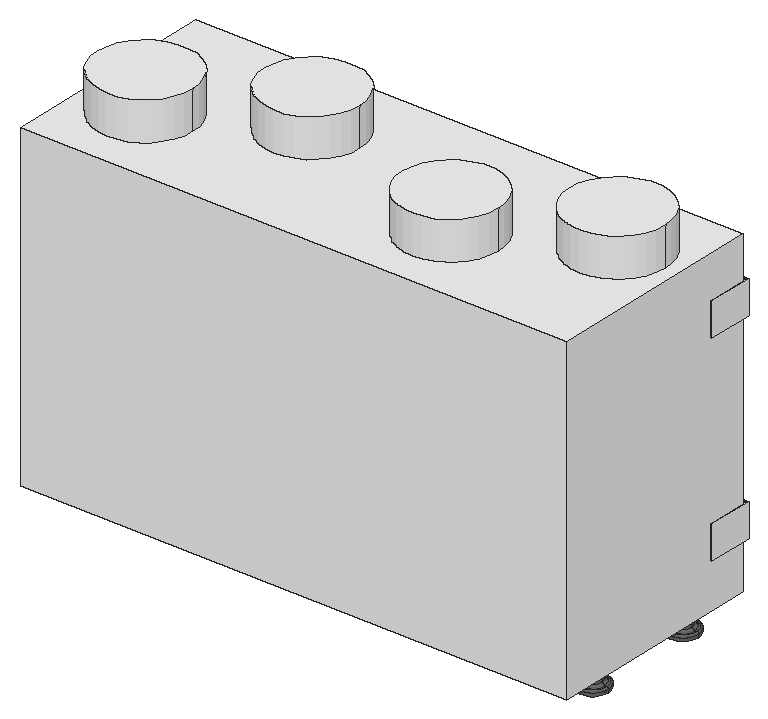
Revit family "BLAUBERG-KOMFORT_Ultra_S_250", category Mechanical Equipment, Revit 2019
Family settings
  Round Connector Dimension = Use Diameter
  Classification = None
  Part Type = Normal
  OmniClass Number = 23.75.35.14
  OmniClass Title = Air Handling Units
  Work Plane-Based = No
  Always vertical = Yes
  Cut with Voids When Loaded = No
  Shared = No
  Room Calculation Point = No
Parameters (values of type "KOMFORT Ultra S 250-E")
  dLFeets = 22 mm
  dBFeets = 70 mm
  Weight = 25.00 kg
  Standard Service Side [instance] = yes
  Sound Pressure Level at 3 m (dBA) = "28..47"
  ServiceDoorB = 20 mm  # constant formula
  Service Side 2 [instance] = Standard Service Side  # yes
  Service Side 1 [instance] = not(Standard Service Side)  # no
  MountingPlateH2 = 343 mm
  MountingPlateH1 = 82 mm
  MountingPlateGapB = 7 mm  # constant formula
  MountingPlateB = MountingPlateGapB + 15 mm  # 22 mm
  Maintenance Zone Side 2 [instance] = if(Maintenance Zone, (if(not(Standard Service Side), 1 = 1, 1 = 0)), 1 = 0)  # no
  Maintenance Zone Side 1 [instance] = if(Maintenance Zone, (if(Standard Service Side, 1 = 1, 1 = 0)), 1 = 0)  # no
  Plastic Material = Polypropylene Black
  Maximum Unit Power = 148 W
  Unit Current = 0.78 A
  Leveling Feets Height Calc [instance] = if(Leveling Feets Height < 23 mm, 23 mm, Leveling Feets Height)  # 23 mm
  Leveling Feets Height [instance] = 23 mm
  Leveling Feets [instance] = yes
  L4 = 235 mm
  L3 = 80 mm
  L2 = 235 mm
  L1 = 80 mm
  Heat Exchanger Material = "enthalpy"
  HDuctCon = 50 mm  # constant formula
  H = 419 mm
  ElConB = 143.5 mm
  ElConH = 182 mm
  ElBoxB = 164 mm
  ElBoxA = 295 mm
  DrainPipeD = if(Drain Connection Diameter = 0 mm, 1 mm, Drain Connection Diameter)  # 1 mm
  DrainPipe = no
  DrainConB = 247 mm
  Drain Flow [instance] = 0.0 L/s
  Drain Connection Diameter = 0 mm
  BackFeetD = 20 mm  # constant formula
  B2 = 104 mm
  Air Flow Factor [instance] = 1  # constant formula
  B1 = 104 mm
  L = 714 mm
  Voltage = 230 V
  URL = "https://blaubergventilatoren.de/ru/product/komfort-ultra-s250-e-s12"
  Type Comments = "Air Handling Unit KOMFORT Ultra S 250-E"
  Transported Air Temperature (°C) = "-25…+40"
  Supply Air Filter = "G4 (option F8)"
  SEC Class = "E"
  RPM (min-1) = 2700
  Power Factor = 1
  Power = Maximum Unit Power  # 148 W
  Number of Poles = 1
  Model = "KOMFORT Ultra S 250-E"
  Maximum Air Flow = 250 m³/h
  Manufacturer = "Blauberg"
  Maintenance Zone Material = Maintenance Zone
  Front Maintenance Zone Height = 500 mm
  Maintenance Zone [instance] = no
  Load Classification = HVAC
  B = 287 mm
  Heat recovery efficiency (%) = "52..73"
  Heat Exchanger Type = "cross-flow"
  Metal Material = Metal Zinc
  Family Version = "1.0"  # constant formula
  Extract Air Filter = "G4"
  Duct Connection Diameter = 125 mm
  Description = "Air Handling Unit"
  D = Duct Connection Diameter  # 125 mm
  Current = Unit Current  # 0.78 A
  Copyright = "©Blauberg"
  Casing Material = Painted Steel White
  Apparent Power [instance] = Power / Power Factor  # 148 VA
  Air Flow Supply [instance] = 0 m³/h
  Air Flow Exhaust [instance] = 0 m³/h
Types (2, lengths in mm): name | Weight | Heat Exchanger Material | DrainPipeD | DrainPipe | Drain Connection Diameter | URL | Type Comments | Model | Heat recovery efficiency (%)
  KOMFORT Ultra S 250-H | 26.00 kg | "polystyrene" | 16 | yes | 16 | "https://blaubergventilatoren.de/ru/product/komfort-ultra-s250-h-s12" | "Air Handling Unit KOMFORT Ultra S 250-H" | "KOMFORT Ultra S 250-H" | "55..78"
  KOMFORT Ultra S 250-E | 25.00 kg | "enthalpy" | 1 | no | 0 | "https://blaubergventilatoren.de/ru/product/komfort-ultra-s250-e-s12" | "Air Handling Unit KOMFORT Ultra S 250-E" | "KOMFORT Ultra S 250-E" | "52..73"
Reference planes
  plane 1 "Center (Front/Back)": y = 0
  plane 2: z = 0
  plane 3 "Center (Left/Right)": x = 0
  plane 4 "Right": x = 357
  plane 5 "Front": y = -143.5
  plane 6 "Left": x = -357
  plane 7 "Top": z = 442
  plane 8 "Back": y = 143.5
  plane 9 "DuctConL2": x = -122
  plane 10 "DuctConB1": y = 39.5
  plane 11 "DuctConB2": y = -39.5
  plane 12 "DuctConB3": z = 492
  plane 13 "DuctConB4": z = 516
  plane 14 "Bottom": z = 23
  plane 15 "FeetsL1": x = -335
  plane 16 "FeetsL2": x = 335
  plane 17 "FeetsB1": y = 73.5
  plane 18 "FeetsB2": y = -73.5
  plane 19 "ElConH": z = 205
  plane 20 "DuctConL4": x = 122
  plane 21 "DuctConL1": x = -277
  plane 22 "ElConB": y = 0
  plane 23 "ServiceDoorBack": y = 123.5
  plane 24 "ServiceDoorFront": y = -123.5
  plane 25 "DrainConB": x = 110
  plane 26 "DuctConL3": x = 277
  plane 27: z = 352.5
  plane 28: z = 57.5
  plane 29: y = 82
  plane 30: y = -82
  plane 31 "MountingPlateFront": y = -150.5
  plane 32 "MountingPlateBack": y = 150.5
  plane 33 "MountingPlateH2": z = 366
  plane 34 "MountingPlateH1": z = 105
Forms (mm)
  Extrusion 1, solid, material "Painted Steel White" <- "Casing Material", detail levels medium+fine
    sketch origin (0, 377, 23) x (-1, 0, 0) y (0, -1, 0)
      loop
        line (357, 233.5) -> (357, 520.5) -> (-357, 520.5) -> (-357, 233.5) -> (357, 233.5)
    from 0 to 419
  Extrusion 2, solid, material "Painted Steel White" <- "Casing Material", detail levels medium+fine
    sketch origin (0, 0, 442) x (-1, 0, 0) y (0, -1, 0)
      loop
        circle (277, 39.5) r 62.5
      loop
        circle (-122, 39.5) r 62.5
      loop
        circle (-277, -39.5) r 62.5
      loop
        circle (122, -39.5) r 62.5
    from 0 to 50
  Extrusion 3, solid, material "Polypropylene Black" <- "Plastic Material", visible <- "DrainPipe", detail levels medium+fine
    sketch origin (0, 0, 23) x (-1, 0, 0) y (0, -1, 0)
      loop
        circle (-110, 0) r 0.5
    from 0 to -35
  Extrusion 4, solid, material "Painted Steel White" <- "Casing Material", detail levels medium+fine
    sketch origin (-357, 0, 0) x (0, 1, 0) y (0, 0, 1)
      loop
        line (82, 352.5) -> (-82, 352.5) -> (-82, 57.5) -> (82, 57.5) -> (82, 352.5)
    from 0 to -43
Lines and regions (mm)
  model lines, detail levels coarse
    curve 1: line (-357, -143.5, 442) -> (-357, 143.5, 442)
    curve 2: line (357, -143.5, 442) -> (-357, -143.5, 442)
    curve 3: line (357, 143.5, 442) -> (357, -143.5, 442)
    curve 4: line (-357, -143.5, 23) -> (-357, 143.5, 23)
    curve 5: line (357, -143.5, 23) -> (-357, -143.5, 23)
    curve 6: line (357, 143.5, 23) -> (357, -143.5, 23)
    curve 7: line (-357, -143.5, 442) -> (357, -143.5, 442)
    curve 8: line (-357, -143.5, 23) -> (-357, -143.5, 442)
    curve 9: line (357, -143.5, 23) -> (-357, -143.5, 23)
    curve 10: line (357, -143.5, 442) -> (357, -143.5, 23)
    curve 11: line (-357, -143.5, 442) -> (-357, -143.5, 23)
    curve 12: line (357, -143.5, 442) -> (357, -143.5, 23)
    curve 13: line (-122, 39.5, 492) -> (-122, 39.5, 442)
    curve 14: line (-357, 143.5, 23) -> (357, 143.5, 23)
    curve 15: line (-357, 143.5, 442) -> (357, 143.5, 442)
    curve 16: line (-357, 143.5, 442) -> (-357, 143.5, 23)
    curve 17: line (357, 143.5, 442) -> (357, 143.5, 23)
    curve 18: line (-277, -39.5, 492) -> (-277, -39.5, 442)
    curve 19: line (277, 39.5, 492) -> (277, 39.5, 442)
    curve 20: line (122, -39.5, 492) -> (122, -39.5, 442)
Dimensions and locks
  "B": plane 8 "Back" to plane 5 "Front"
  equal spacing: plane 6 "Left", plane 3 "Center (Left/Right)", plane 4 "Right"
  "L": plane 6 "Left" to plane 4 "Right"
  "dBFeets": plane 8 "Back" to plane 17 "FeetsB1"
  "dBFeets": plane 18 "FeetsB2" to plane 5 "Front"
  "dLFeets": plane 6 "Left" to plane 15 "FeetsL1"
  "dLFeets": plane 16 "FeetsL2" to plane 4 "Right"
  "Leveling Feets Height Calc": plane 14 "Bottom" to level
  "HDuctCon": plane 12 "DuctConB3" to plane 7 "Top"
  "H": plane 7 "Top" to plane 14 "Bottom"
  "B1": plane 11 "DuctConB2" to plane 5 "Front"
  "L1": plane 6 "Left" to plane 21 "DuctConL1"
  "ElConB": plane 8 "Back" to plane 22 "ElConB"
  "ElConH": plane 19 "ElConH" to plane 14 "Bottom"
  "ServiceDoorB": plane 8 "Back" to plane 23 "ServiceDoorBack"
  "ServiceDoorB": plane 24 "ServiceDoorFront" to plane 5 "Front"
  "L2": plane 6 "Left" to plane 9 "DuctConL2"
  "L4": plane 20 "DuctConL4" to plane 4 "Right"
  equal spacing: plane 8 "Back", plane 1 "Center (Front/Back)", plane 5 "Front"
  "L3": plane 26 "DuctConL3" to plane 4 "Right"
  "B2": plane 8 "Back" to plane 10 "DuctConB1"
  equal spacing: plane 29, plane 22 "ElConB", plane 30
  equal spacing: plane 27, plane 19 "ElConH", plane 28
  "ElBoxA": plane 27 to plane 28
  "ElBoxB": plane 29 to plane 30
  "DrainConB": plane 25 "DrainConB" to plane 4 "Right"
  "MountingPlateGapB": plane 32 "MountingPlateBack" to plane 8 "Back"
  "MountingPlateGapB": plane 5 "Front" to plane 31 "MountingPlateFront"
  "MountingPlateH1": plane 34 "MountingPlateH1" to plane 14 "Bottom"
  "MountingPlateH2": plane 33 "MountingPlateH2" to plane 14 "Bottom"
  "D": diameter of Extrusion 2 sketch curve  (x4)
  "DrainPipeD": diameter of Extrusion 3 sketch curve
  aligned and locked: level to plane 2
  aligned and locked: plane 15 "FeetsL1" to nested 1
  aligned and locked: nested 1 to plane 17 "FeetsB1"
  aligned and locked: plane 16 "FeetsL2" to nested 2
  aligned and locked: nested 2 to plane 17 "FeetsB1"
  aligned and locked: nested 3 to plane 18 "FeetsB2"
  aligned and locked: plane 16 "FeetsL2" to nested 3
  aligned and locked: plane 15 "FeetsL1" to nested 4
  aligned and locked: nested 4 to plane 18 "FeetsB2"
  aligned and locked: Extrusion 1 sketch curve to plane 8 "Back"
  aligned and locked: plane 6 "Left" to Extrusion 1 sketch curve
  aligned and locked: plane 5 "Front" to Extrusion 1 sketch curve
  aligned and locked: Extrusion 1 sketch curve to plane 4 "Right"
  aligned and locked: plane 7 "Top" to Extrusion 1
  aligned and locked: plane 3 "Center (Left/Right)" to nested 5
  aligned and locked: nested 5 to plane 7 "Top"
  aligned and locked: curve 2 to Extrusion 1
  aligned and locked: curve 4 to curve 1
  aligned and locked: curve 5 to curve 2
  aligned and locked: curve 6 to nested 5
  aligned and locked: curve 8 to Extrusion 1
  aligned and locked: curve 10 to Extrusion 1
  aligned and locked: curve 11 to plane 5 "Front"
  aligned and locked: curve 12 to plane 5 "Front"
  aligned and locked: plane 12 "DuctConB3" to curve 13
  aligned and locked: plane 7 "Top" to curve 13
  aligned and locked: plane 8 "Back" to curve 3
  aligned and locked: plane 8 "Back" to curve 6
  aligned and locked: plane 6 "Left" to curve 14
  aligned and locked: curve 14 to plane 8 "Back"
  aligned and locked: plane 4 "Right" to curve 15
  aligned and locked: plane 6 "Left" to curve 15
  aligned and locked: curve 15 to plane 8 "Back"
  aligned and locked: plane 12 "DuctConB3" to Extrusion 2
  aligned and locked: plane 3 "Center (Left/Right)" to nested 6
  aligned and locked: nested 6 to plane 7 "Top"
  aligned and locked: plane 7 "Top" to curve 16
  aligned and locked: plane 14 "Bottom" to curve 16
  aligned and locked: plane 7 "Top" to curve 17
  aligned and locked: plane 14 "Bottom" to curve 17
  aligned and locked: plane 8 "Back" to curve 16
  aligned and locked: plane 8 "Back" to curve 17
  aligned and locked: plane 12 "DuctConB3" to curve 18
  aligned and locked: plane 12 "DuctConB3" to curve 19
  aligned and locked: plane 7 "Top" to curve 19
  aligned and locked: plane 7 "Top" to curve 18
  aligned and locked: curve 18 to plane 21 "DuctConL1"
  aligned and locked: plane 12 "DuctConB3" to curve 20
  aligned and locked: plane 7 "Top" to curve 20
  aligned and locked: curve 20 to plane 20 "DuctConL4"
  aligned and locked: plane 21 "DuctConL1" to Extrusion 2 sketch curve
  aligned and locked: plane 11 "DuctConB2" to Extrusion 2 sketch curve  (x2)
  aligned and locked: plane 9 "DuctConL2" to Extrusion 2 sketch curve
  aligned and locked: plane 10 "DuctConB1" to Extrusion 2 sketch curve  (x2)
  aligned and locked: plane 20 "DuctConL4" to Extrusion 2 sketch curve
  aligned and locked: plane 26 "DuctConL3" to Extrusion 2 sketch curve
  aligned and locked: plane 27 to Extrusion 4 sketch curve
  aligned and locked: Extrusion 4 sketch curve to plane 29
  aligned and locked: Extrusion 4 sketch curve to plane 28
  aligned and locked: Extrusion 4 sketch curve to plane 30
  aligned and locked: plane 10 "DuctConB1" to curve 13
  aligned and locked: curve 19 to plane 26 "DuctConL3"
  aligned and locked: plane 33 "MountingPlateH2" to nested 7
  aligned and locked: plane 34 "MountingPlateH1" to nested 8
  aligned and locked: plane 33 "MountingPlateH2" to nested 9
  aligned and locked: plane 34 "MountingPlateH1" to nested 10
  aligned and locked: plane 3 "Center (Left/Right)" to nested 7
  aligned and locked: plane 3 "Center (Left/Right)" to nested 9
  aligned and locked: plane 3 "Center (Left/Right)" to nested 8
  aligned and locked: plane 3 "Center (Left/Right)" to nested 10
Automatic sketch dimensions
  curve 11 to plane 14 "Bottom" = 0 mm
  curve 11 to plane 7 "Top" = 0 mm
  curve 12 to plane 14 "Bottom" = 0 mm
  curve 12 to plane 7 "Top" = 0 mm
  curve 10 to plane 14 "Bottom" = 0 mm
  curve 7 to plane 7 "Top" = 0 mm
  plane 1 "Center (Front/Back)" to Extrusion 3 sketch curve = 0 mm
  Extrusion 3 sketch curve to plane 25 "DrainConB" = 0 mm
Nested families
  nested 1: "LevellingFeet" at (-335, 73.5, 0), visible <- "Leveling Feets", type "LevellingFeet", detail levels medium+fine
  nested 2: "LevellingFeet" at (335, 73.5, 0), visible <- "Leveling Feets", type "LevellingFeet", detail levels medium+fine
  nested 3: "LevellingFeet" at (335, -73.5, 0), visible <- "Leveling Feets", type "LevellingFeet", detail levels medium+fine
  nested 4: "LevellingFeet" at (-335, -73.5, 0), visible <- "Leveling Feets", type "LevellingFeet", detail levels medium+fine
  nested 5: "MaintenanceZone_Rect" at (0, -143.5, 232.5) x (1, 0, 0) z (0, 1, 0), visible <- "Maintenance Zone Side 1", type "Front", detail levels medium+fine
    with Maintenance Zone Width 419 mm, Maintenance Zone Length 714 mm, Maintenance Zone Height 500 mm
  nested 6: "MaintenanceZone_Rect" at (0, 143.5, 232.5) x (1, 0, 0) z (0, -1, 0), visible <- "Maintenance Zone Side 2", type "Front", detail levels medium+fine
    with Maintenance Zone Width 419 mm, Maintenance Zone Length 714 mm, Maintenance Zone Height 500 mm
  nested 7: "MountingPlate5" at (0, -150.5, 366) x (1, 0, 0) z (0, 1, 0), visible <- "Service Side 1", type "MountingPlate5", detail levels medium+fine
    with Width 43 mm, Lenght 714 mm, Height 60 mm
  nested 8: "MountingPlate5" at (0, -150.5, 105) x (1, 0, 0) z (0, 1, 0), visible <- "Service Side 1", type "MountingPlate5", detail levels medium+fine
    with Width 43 mm, Lenght 714 mm, Height 60 mm
  nested 9: "MountingPlate5" at (0, 150.5, 366) x (1, 0, 0) z (0, -1, 0), visible <- "Service Side 2", type "MountingPlate5", detail levels medium+fine
    with Width 43 mm, Lenght 714 mm, Height 60 mm
  nested 10: "MountingPlate5" at (0, 150.5, 105) x (1, 0, 0) z (0, -1, 0), visible <- "Service Side 2", type "MountingPlate5", detail levels medium+fine
    with Width 43 mm, Lenght 714 mm, Height 60 mm
Connectors
  hvac at (-277, -39.5, 492), driven by "Duct Connection Diameter", driven by "Air Flow Supply"
    settings: on Extrusion 2, index 1, duct flow 0 m³/h, flow factor 0, pres drop 0.0 Pa, loss coef 0, conn angle 0.00°, conn width 304.8 mm, conn height 304.8 mm, conn diameter 125 mm, duct sys type 1, conn prof type 0, flow config 0, flow direction 2, loss method 0, conn ref index -1, conn util no, is conn primary no, conn desc "Supply Air"
  hvac at (-122, 39.5, 492), driven by "Duct Connection Diameter", driven by "Air Flow Exhaust"
    settings: on Extrusion 2, index 2, duct flow 0 m³/h, flow factor 0, pres drop 0.0 Pa, loss coef 0, conn angle 0.00°, conn width 304.8 mm, conn height 304.8 mm, conn diameter 125 mm, duct sys type 3, conn prof type 0, flow config 0, flow direction 1, loss method 0, conn ref index -1, conn util no, is conn primary no, conn desc "Extract Air"
  hvac at (277, 39.5, 492), driven by "Duct Connection Diameter", driven by "Air Flow Exhaust"
    settings: on Extrusion 2, index 3, duct flow 0 m³/h, flow factor 0, pres drop 0.0 Pa, loss coef 0, conn angle 0.00°, conn width 304.8 mm, conn height 304.8 mm, conn diameter 125 mm, duct sys type 3, conn prof type 0, flow config 1, flow direction 2, loss method 0, conn ref index -1, conn util no, is conn primary no, conn desc "Exhaust Air"
  hvac at (122, -39.5, 492), driven by "Duct Connection Diameter", driven by "Air Flow Supply"
    settings: on Extrusion 2, index 4, duct flow 0 m³/h, flow factor 0, pres drop 0.0 Pa, loss coef 0, conn angle 0.00°, conn width 304.8 mm, conn height 304.8 mm, conn diameter 125 mm, duct sys type 1, conn prof type 0, flow config 1, flow direction 1, loss method 0, conn ref index -1, conn util no, is conn primary yes, conn desc "Intake Air"
  piping at (110, 0, -12), driven by "Drain Connection Diameter", driven by "Drain Flow"
    settings: on Extrusion 3, index 7, connector diameter 0 mm, connector inside diameter 609.6 mm, connector length 0 mm, flow factor 0, pipe flow 0.0 L/s, pressure drop 0.0 Pa, fitting loss kfactor 0, connector angle 0.00°, fixture units 0, engagement length 0 mm, angle of deflection 0.00°, flow configuration 1, flow direction 2, fitting loss method 0, system type 16, joint type 0, gender type 0, connector reference index -1, connector utility 0, adjustable connector no, is connector primary yes, connector description "Drain"
  electrical at (-400, 0, 205), driven by "Number of Poles", driven by "Load Classification", driven by "Voltage", driven by "Apparent Power", driven by "Power Factor"
    settings: on Extrusion 4, index 8, voltage 230 V, apparent load 148 VA, apparent load phase1 0 VA, apparent load phase2 0 VA, apparent load phase3 0 VA, power factor 1, load classification "HVAC", number of poles 1, system type 30, power factor state 1, is connector primary yes, connector utility no, sub classification motor no, connector description ""
Definition of nested family "LevellingFeet"
  Parameters (values of type "LevellingFeet")
    r2 = d2 / 2  # 9 mm
    r1 = d1 / 2  # 12 mm
    h2 = 15 mm
    h1 = 6 mm
    d3 = 8 mm
    d2 = 18 mm
    d1 = 24 mm
    R = D / 2  # 20.5 mm
    Material = none
    H = 23 mm
    Default Elevation = 1219.2 mm
    D = 41 mm
  Reference planes
    plane 1 "Center (Front/Back)": y = 0
    plane 2: z = 0
    plane 3 "Center (Left/Right)": x = 0
    plane 4: z = 6
    plane 5: x = -9
    plane 6: x = -20.5
    plane 7: x = -12
    plane 8: z = 21
    plane 9: z = 23
  Forms (mm)
    Revolve 1, solid, material <- "Material"
      sketch origin (0, 0, 0) x (1, 0, 0) y (0, 0, 1)
        loop
          line (0, 21) -> (-9, 21) -> (-11.354, 9.228)
          arc (-11.354, 9.228) -> (-12.746, 6.91) -> (-15.292, 6) r 4.016
          line (-15.292, 6) -> (-18.541, 6)
          arc (-18.541, 6) -> (-19.926, 5.426) -> (-20.5, 4.041) r 1.959
          line (-20.5, 4.041) -> (-20.5, 0) -> (0, 0) -> (0, 21)
        axis (0, 21) -> (0, 0)
      angle from 0 to 360
    Extrusion 2, solid, material <- "Material"
      sketch origin (0, 0, 0) x (1, 0, 0) y (0, 1, 0)
        loop
          circle (0, 0) r 4
      from 23 to 6
  Cuts and joins
    joined: Revolve 1, Extrusion 2
  Dimensions and locks
    "r2": plane 3 "Center (Left/Right)" to plane 5
    "R": plane 3 "Center (Left/Right)" to plane 6
    "r1": plane 3 "Center (Left/Right)" to plane 7
    "h2": plane 8 to plane 4
    "h1": plane 4 to level
    "H": plane 9 to level
    "d3": diameter of Extrusion 2 sketch curve
    aligned and locked: level to plane 2
    aligned and locked: Revolve 1 sketch curve to plane 3 "Center (Left/Right)"
    aligned and locked: plane 8 to Revolve 1 sketch curve
    aligned and locked: Extrusion 2 to plane 4
    aligned and locked: plane 9 to Extrusion 2
    aligned and locked: cut or joined group of Revolve 1, Extrusion 2 to level
  Automatic sketch dimensions
    Revolve 1 sketch curve to level = 0 mm
    Revolve 1 sketch curve to plane 6 = 0 mm
    Revolve 1 sketch curve to plane 4 = 0 mm
    Revolve 1 sketch curve to plane 5 = 0 mm
    Revolve 1 sketch curve to plane 3 "Center (Left/Right)" = 0 mm
    plane 6 to Revolve 1 sketch curve = 1.959 mm
    Revolve 1 sketch curve to plane 7 = 3.292 mm
    plane 7 to Revolve 1 sketch curve = 0.646 mm
    plane 4 to Revolve 1 sketch curve = 3.228 mm
    Revolve 1 sketch curve to level = 336.045 mm
    plane 9 to Revolve 1 sketch curve = 2172.315 mm
    plane 1 "Center (Front/Back)" to Extrusion 2 sketch curve = 0 mm
    Extrusion 2 sketch curve to plane 3 "Center (Left/Right)" = 0 mm
Definition of nested family "MaintenanceZone_Rect"
  Parameters (values of type "MaintenanceZone_Rect")
    Maintenance Zone Width = 500 mm
    Material = none
    Maintenance Zone Length = 1000 mm
    Maintenance Zone Height = 300 mm
    Family Version = ""
    Default Elevation = 1219.2 mm
    Copyright = ""
  Reference planes
    plane 1 "Center (Front/Back)": y = 0
    plane 2: z = 0
    plane 3 "Center (Left/Right)": x = 0
    plane 4: x = -500
    plane 5: x = 500
    plane 6: y = 250
    plane 7: y = -250
    plane 8: z = -300
  Forms (mm)
    Extrusion 1, solid, material <- "Material", detail levels medium+fine
      sketch origin (0, 0, 0) x (1, 0, 0) y (0, 1, 0)
        loop
          line (-500, 250) -> (-500, -250) -> (500, -250) -> (500, 250) -> (-500, 250)
      from 0 to -300
  Lines and regions (mm)
    symbolic lines, detail levels medium+fine
      curve 1: line (-500, 0, 0) -> (500, 0, 0)
      curve 2: line (-500, 0, -300) -> (-500, 0, 0)
      curve 3: line (500, 0, -300) -> (-500, 0, -300)
      curve 4: line (500, 0, 0) -> (500, 0, -300)
      curve 5: line (0, 250, 0) -> (0, -250, 0)
      curve 6: line (0, 250, -300) -> (0, 250, 0)
      curve 7: line (0, -250, -300) -> (0, 250, -300)
      curve 8: line (0, -250, 0) -> (0, -250, -300)
      curve 9: line (-500, 250, 0) -> (500, 250, 0)
      curve 10: line (-500, -250, 0) -> (-500, 250, 0)
      curve 11: line (500, -250, 0) -> (-500, -250, 0)
      curve 12: line (500, 250, 0) -> (500, -250, 0)
  Dimensions and locks
    equal spacing: plane 6, plane 1 "Center (Front/Back)", plane 7
    equal spacing: plane 4, plane 3 "Center (Left/Right)", plane 5
    "Maintenance Zone Width": plane 6 to plane 7
    "Maintenance Zone Length": plane 4 to plane 5
    "Maintenance Zone Height": plane 2 to plane 8
    aligned and locked: level to plane 2
    aligned and locked: Extrusion 1 sketch curve to plane 6
    aligned and locked: plane 4 to Extrusion 1 sketch curve
    aligned and locked: plane 7 to Extrusion 1 sketch curve
    aligned and locked: Extrusion 1 sketch curve to plane 5
    aligned and locked: Extrusion 1 to plane 8
    aligned and locked: curve 1 to Extrusion 1
    aligned and locked: curve 2 to Extrusion 1
    aligned and locked: curve 3 to Extrusion 1
    aligned and locked: curve 4 to Extrusion 1
    aligned and locked: curve 5 to Extrusion 1
    aligned and locked: curve 6 to Extrusion 1
    aligned and locked: curve 7 to Extrusion 1
    aligned and locked: curve 8 to Extrusion 1
    aligned and locked: curve 9 to Extrusion 1
    aligned and locked: curve 10 to Extrusion 1
    aligned and locked: curve 11 to Extrusion 1
    aligned and locked: curve 12 to Extrusion 1
Definition of nested family "MountingPlate5"
  Parameters (values of type "MountingPlate5")
    Width = 50 mm
    Thickness = 2 mm
    Material = none
    Lenght = 500 mm
    Height = 30 mm
    Default Elevation = 1219.2 mm
  Reference planes
    plane 1 "Center (Front/Back)": y = 0
    plane 2: z = 0
    plane 3 "Center (Left/Right)": x = 0
    plane 4: x = -250
    plane 5: x = 250
    plane 6: y = -25
    plane 7: y = 25
    plane 8: z = 30
  Forms (mm)
    Extrusion 1, solid, material <- "Material"
      sketch origin (0, 0, 0) x (1, 0, 0) y (0, 0, 1)
        loop
          line (-250, 30) -> (-252, 30) -> (-252, 0) -> (252, 0) -> (252, 30) -> (250, 30) -> (250, 2) -> (-250, 2) -> (-250, 30)
      from -25 to 25
  Dimensions and locks
    equal spacing: plane 4, plane 3 "Center (Left/Right)", plane 5
    "Lenght": plane 4 to plane 5
    "Height": plane 8 to level
    equal spacing: plane 6, plane 1 "Center (Front/Back)", plane 7
    "Width": plane 6 to plane 7
    "Thickness": Extrusion 1 sketch curve to plane 2
    "Thickness": Extrusion 1 sketch curve to plane 5
    "Thickness": plane 4 to Extrusion 1 sketch curve
    aligned and locked: level to plane 2
    aligned and locked: Extrusion 1 sketch curve to plane 4
    aligned and locked: plane 5 to Extrusion 1 sketch curve
    aligned and locked: plane 8 to Extrusion 1 sketch curve  (x2)
    aligned and locked: plane 2 to Extrusion 1 sketch curve
    aligned and locked: Extrusion 1 to plane 7
    aligned and locked: plane 6 to Extrusion 1
